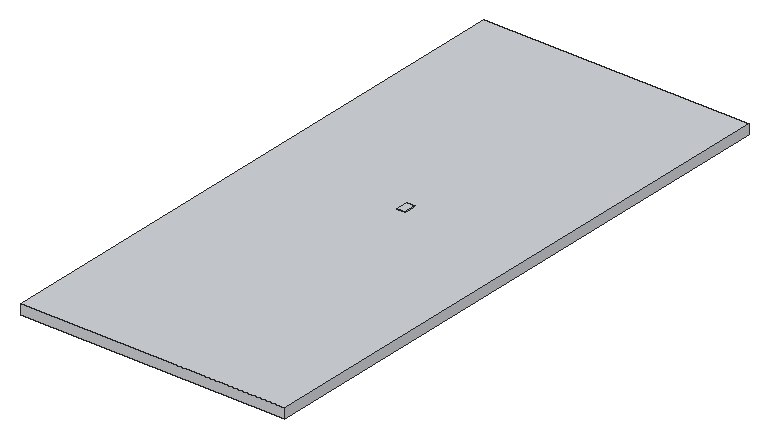
Revit family "M_Rectangular Face Opening Solid", category Generic Models, host Face, Revit 2022
Family settings
  Host = Face
  Can host rebar = No
  Round Connector Dimension = Use Diameter
  Part Type = Normal
  OmniClass Number = 23.30.00.00
  OmniClass Title = Openings, Passages, Protection
  Cut with Voids When Loaded = Yes
  Maintain Annotation Orientation = No
  Shared = No
  Room Calculation Point = No
Parameters (values of type "Rectangular Face Opening")
  isRotated [instance] = no
  h [instance] = 300 mm
  b [instance] = 200 mm
  U.K_#World [instance] = Opening Absolute Level - Height / 2  # -150 mm
  U.K_#Project [instance] = Opening Elevation - Height / 2  # -150 mm
  U.K_#Link [instance] = ##Middle Elevation - Height / 2  # -150 mm
  Slope Shift_Plan [instance] = Width_help / 2  # 100 mm
  Slope Shift_Front_Back [instance] = if(or(Rotate = 90.00°, Rotate = 270.00°), (Width_help - Additional Bottom Cut Offset + Additional Top Cut Offset) / 2, Width / 2)  # 100 mm
  Slope Shift_Left_Right [instance] = if(Slope = 0.00°, if(or(Rotate = 0.00°, Rotate = 180.00°), HT, Height_help / 2), (if(or(Rotate = 90.00°, Rotate = 270.00°), Width / cos(Slope) / 2 - (Depth with Offset * tan(Slope)), Height_help w_o add offsets / cos(Slope) / 2 - (Depth with Offset * tan(Slope)) + if(Additional Top Cut Offset > 0 mm, Additional Top Cut Offset / cos(Slope), 0 mm)))) + (tan(Slope) * Depth with Offset) + if(Rotate = 0.00°, Additional Bottom Cut Offset - Additional Top Cut Offset, 0 mm)  # 150 mm
  Width_help [instance] = if(or(Rotate = 90.00°, Rotate = 270.00°), Height, Width)  # 200 mm
  Subcategory = "Cut Opening"  # constant formula
  Slope_Help [instance] = if(Face Offset_True = 0 mm, 2 mm, 1 mm)  # 2 mm
  Slope [instance] = 0.00°  # constant formula
  Opening Elevation [instance] = 0 mm
  Opening Area [instance] = Width * Height  # 0.06 m²
  Opening Absolute Level [instance] = 0 mm
  MEP - Comment [instance] = "-"
  Inspect [instance] = no
  Height_help w_o add offsets [instance] = if(h > 2 mm, h + 2 * Cut Offset, 2 mm)  # 300 mm
  Width [instance] = if(b > 2 mm, b + 2 * Cut Offset, 2 mm)  # 200 mm
  Top Length [instance] = if(Face Offset_True = 0 mm, if(Lengthen / 1 * tan(Slope_T) < 2 mm, 0 mm, Lengthen / 1 * tan(Slope_T)), 0 mm)  # 0 mm
  Slope_T [instance] = if(and(not(Slope < 0.00°), Slope < 85.00°), Slope, 0.00°)  # 0.00°
  Rotate_T [instance] = -Rotate  # 0.00°
  Rotate [instance] = 0.00°  # constant formula
  Opening Offset Z [instance] = (-(Additional Top Cut Offset - Additional Bottom Cut Offset) / 2) * sin(Rotate)  # 0 mm
  Opening Offset X [instance] = (-(Additional Top Cut Offset - Additional Bottom Cut Offset) / 2) * cos(Rotate)  # 0 mm
  Lengthen [instance] = if(Height > Width, Height, Width)  # 300 mm
  Height_help [instance] = if(or(Rotate = 90.00°, Rotate = 270.00°), Width / cos(Slope), Height / cos(Slope))  # 300 mm
  HT [instance] = (h / 2 + 1 * Cut Offset + Additional Top Cut Offset) / sin(Angle)  # 150 mm
  HB [instance] = (h / 2 + 1 * Cut Offset + Additional Bottom Cut Offset) / sin(Angle)  # 150 mm
  Filled Region = yes
  Lines [instance] = not(Filled Region)  # no
  Face Offset_Positive [instance] = if(Face Offset_True > 0 mm, Face Offset_True, 0 mm)  # 0 mm
  Face Offset_Negative [instance] = if(Face Offset_True < 0 mm, -Face Offset_True, 0 mm)  # 0 mm
  Face Offset_True [instance] = if(Slope = 0.00°, Face Offset, 0 mm)  # 0 mm
  Face Offset [instance] = 0 mm  # constant formula
  Extrude End [instance] = -Depth_True  # -250 mm
  Detail - Yes / No [instance] = no
  Description = "G"
  Depth_True [instance] = if(Depth with Offset + Face Offset_True > 2 mm, Depth with Offset + Face Offset_True, 2 mm)  # 250 mm
  Depth with Offset [instance] = Depth + Depth Offset  # 250 mm
  Depth Offset [instance] = 0 mm  # constant formula
  Depth [instance] = 250 mm
  Dashed Outline = yes
  Bottom Length [instance] = if(Depth with Offset > 2 mm, Depth with Offset / sin(Angle), 2 mm) + Lengthen / 1 * tan(Slope_T)  # 250 mm
  Height_True [instance] = Height / sin(Angle)  # 300 mm
  Height [instance] = if(h > 2.032 mm, h + 2 * Cut Offset + Additional Top Cut Offset + Additional Bottom Cut Offset, 2.032 mm)  # 300 mm
  Default Elevation = 0 mm
  Cut Offset [instance] = 0 mm  # constant formula
  BPM_txt2 [instance] = ""
  BPM_txt1 [instance] = ""
  BPM_bool2 [instance] = no
  BPM_bool1 [instance] = no
  Assembly Code = ""
  Angle [instance] = 90.00° - Slope_T  # 90.00°
  Additional Top Cut Offset [instance] = 0 mm  # constant formula
  Additional Bottom Cut Offset [instance] = 0 mm  # constant formula
  ##Reference Level [instance] = ""
  ##Middle Elevation [instance] = 0 mm
Reference planes
  plane 1 "Center (Front/Back)": y = 0
  plane 2: z = 0
  plane 3 "Center (Left/Right)": x = 0
  plane 4: x = -100
  plane 5: x = 100
  plane 6: y = -150
  plane 7: y = 150
  plane 8 "Graphical Elements Movement Help": y = -150
  plane 9 "Graphical Elements Movement Help 2": x = -100
  plane 10 "Face Offset_Negative": z = 0
  plane 11 "Face Offset_Positive": z = 0
  plane 12 "Graphical Elements Movement Help 3": x = 0
Forms (mm)
  Extrusion 1, solid
    sketch origin (0, 0, 0) x (1, 0, 0) y (0, 1, 0)
      loop
        line (-3545.185, 6900) -> (-3545.185, -7832.283) -> (3196.862, -7832.283) -> (3196.862, 6900) -> (-3545.185, 6900)
    from 0 to -250 <- "Extrude End"
  Sweep 2, solid
    path in 3D
      loop
        line (0, 0, -250) -> (0, 0, -2) -> (0, 0, 0)
    profile "Rertangular Profile : Rertangular Profile" origin (0, 0, -1) x (0, -1, 0) y (1, 0, 0)
      loop
        line (-150, 100) -> (-150, -100) -> (150, -100) -> (150, 100) -> (-150, 100)
Lines and regions (mm)
  reference lines
    curve 1: line (0, 0, -2) -> (0, 0, 0)
    curve 2: line (0, 0, -2) -> (0, 0, -250)
  sketch lines
    curve 3: line (0, 0, -2) -> (0, 0, 0)
    curve 4: line (0, 0, -2) -> (0, 0, -250)
Dimensions and locks
  equal spacing: plane 4, plane 3 "Center (Left/Right)", plane 5
  "Width": plane 4 to plane 5
  "Height_True": plane 7 to plane 6
  "Bottom Length": plane 2 to curve 2
  "Top Length": plane 10 "Face Offset_Negative" to curve 1
  "HT": plane 1 "Center (Front/Back)" to plane 7
  "HB": plane 1 "Center (Front/Back)" to plane 6
  plane 1 "Center (Front/Back)" to plane 8 "Graphical Elements Movement Help" = 150 mm
  "Slope Shift_Front_Back": plane 3 "Center (Left/Right)" to plane 9 "Graphical Elements Movement Help 2"
  "Face Offset_Positive": plane 11 "Face Offset_Positive" to plane 2
  "Face Offset_Negative": plane 11 "Face Offset_Positive" to plane 10 "Face Offset_Negative"
  "Slope_Help": plane 10 "Face Offset_Negative" to curve 1
  "Slope Shift_Left_Right": plane 8 "Graphical Elements Movement Help" to plane 1 "Center (Front/Back)"
  "Slope Shift_Plan": plane 9 "Graphical Elements Movement Help 2" to plane 12 "Graphical Elements Movement Help 3"
  "Width_help": plane 9 "Graphical Elements Movement Help 2" to nested 1
  "Width_help": plane 9 "Graphical Elements Movement Help 2" to nested 7
  "Angle": angle curve 2 to level
  "Angle": angle curve 1 to level
  aligned and locked: Extrusion 1 to plane 2
  aligned and locked: Extrusion 1 to level
  aligned and locked: plane 1 "Center (Front/Back)" to curve 2
  aligned and locked: plane 9 "Graphical Elements Movement Help 2" to nested 2
  aligned and locked: plane 9 "Graphical Elements Movement Help 2" to nested 4
  aligned and locked: nested 4 to plane 10 "Face Offset_Negative"
  aligned and locked: nested 2 to plane 10 "Face Offset_Negative"
  aligned and locked: nested 8 to plane 10 "Face Offset_Negative"
  aligned and locked: nested 6 to plane 8 "Graphical Elements Movement Help"
  aligned and locked: nested 6 to plane 10 "Face Offset_Negative"
  aligned and locked: nested 5 to plane 8 "Graphical Elements Movement Help"
  aligned and locked: nested 5 to plane 10 "Face Offset_Negative"
  aligned and locked: nested 9 to plane 8 "Graphical Elements Movement Help"
  aligned and locked: nested 9 to plane 10 "Face Offset_Negative"
  aligned and locked: nested 3 to plane 8 "Graphical Elements Movement Help"
  aligned and locked: plane 9 "Graphical Elements Movement Help 2" to nested 8
  aligned and locked: nested 3 to plane 12 "Graphical Elements Movement Help 3"
  aligned and locked: nested 1 to plane 8 "Graphical Elements Movement Help"
  aligned and locked: nested 7 to plane 8 "Graphical Elements Movement Help"
Automatic sketch dimensions
  Extrusion 1 sketch curve to Extrusion 1 sketch curve = 6742.047 mm
  Extrusion 1 sketch curve to Extrusion 1 sketch curve = 14732.283 mm
Nested families
  nested 1: "Opening Lines - Front" at (100, -150, 0) x (-1, 0, 0) z (0, 0, 1), Width_or_Height <- "Width_help", Depth <- "Height_help", visible <- "Lines", type "Standard"
    with Width_or_Height_True 200 mm, Width_or_Height 200 mm, Test Angle q 60.00°, Test Angle p 135.00°, Side Length 300 mm, Region Visible yes, built-in parameter 1001306 0.65617 (stored number, unit not read), Diagonal q 360.555 mm, Diagonal p 360.555 mm, Depth_True 300 mm, Depth 300 mm, Coeff2 1.5, Coeff1 0.66667, Angle_True 90.00°, Angle 90.00°
  nested 2: "Opening Region - Front" at (-100, 0, 0) x (1, 0, 0) z (0, -1, 0), Width_or_Height <- "Width_help", Depth <- "Depth_True", visible <- "Filled Region", type "Standard"
    with Width_or_Height_True 200 mm, Width_or_Height 200 mm, Test Angle q 72.00°, Test Angle p 112.50°, Side Length 250 mm, Region Visible yes, built-in parameter 1001306 0.65617 (stored number, unit not read), Diagonal q 320.156 mm, Diagonal p 320.156 mm, Depth_True 250 mm, Depth 250 mm, Coeff2 1.25, Coeff1 0.8, Angle_True 90.00°, Angle 90.00°
  nested 3: "Opening Region - Plan" at (0, -150, 0) x (-1, 0, 0) z (0, 0, 1), Width <- "Width_help", Depth_Height <- "Height_help", visible <- "Filled Region", type "Standard"
    with Width 200 mm, Depth_Height 300 mm, Depth_4 50 mm, Depth_2 100 mm
  nested 4: "Opening Lines - Front" at (-100, 0, 0) x (1, 0, 0) z (0, -1, 0), Width_or_Height <- "Width_help", Depth <- "Depth_True", visible <- "Lines", type "Standard"
    with Width_or_Height_True 200 mm, Width_or_Height 200 mm, Test Angle q 72.00°, Test Angle p 112.50°, Side Length 250 mm, Region Visible yes, built-in parameter 1001306 0.65617 (stored number, unit not read), Diagonal q 320.156 mm, Diagonal p 320.156 mm, Depth_True 250 mm, Depth 250 mm, Coeff2 1.25, Coeff1 0.8, Angle_True 90.00°, Angle 90.00°
  nested 5: "Opening Region - Front" at (0, -150, 0) x (0, 1, 0) z (1, 0, 0), Width_or_Height <- "Height_help", Depth <- "Depth_True", Angle <- "Angle", visible <- "Filled Region", type "Standard"
    with Width_or_Height_True 300 mm, Width_or_Height 300 mm, Test Angle q 108.00°, Test Angle p 75.00°, Side Length 250 mm, Region Visible yes, built-in parameter 1001306 0.98425 (stored number, unit not read), Diagonal q 390.512 mm, Diagonal p 390.512 mm, Depth_True 250 mm, Depth 250 mm, Coeff2 0.83333, Coeff1 1.2, Angle_True 90.00°, Angle 90.00°
  nested 6: "Opening Lines - Front" at (0, -150, 0) x (0, 1, 0) z (1, 0, 0), Width_or_Height <- "Height_help", Depth <- "Depth_True", Angle <- "Angle", visible <- "Lines", type "Standard"
    with Width_or_Height_True 300 mm, Width_or_Height 300 mm, Test Angle q 108.00°, Test Angle p 75.00°, Side Length 250 mm, Region Visible yes, built-in parameter 1001306 0.98425 (stored number, unit not read), Diagonal q 390.512 mm, Diagonal p 390.512 mm, Depth_True 250 mm, Depth 250 mm, Coeff2 0.83333, Coeff1 1.2, Angle_True 90.00°, Angle 90.00°
  nested 7: "Opening Outlines - Front" at (100, -150, 0) x (-1, 0, 0) z (0, 0, 1), Width_or_Height <- "Width_help", Depth <- "Height_help", visible <- "Dashed Outline", type "Standard"
    with Width_or_Height_True 200 mm, Width_or_Height 200 mm, Test Angle q 60.00°, Test Angle p 135.00°, Side Length 300 mm, Region Visible yes, built-in parameter 1001306 0.65617 (stored number, unit not read), Diagonal q 360.555 mm, Diagonal p 360.555 mm, Depth_True 300 mm, Depth 300 mm, Coeff2 1.5, Coeff1 0.66667, Angle_True 90.00°, Angle 90.00°
  nested 8: "Opening Outlines - Front" at (-100, 0, 0) x (1, 0, 0) z (0, -1, 0), Width_or_Height <- "Width_help", Depth <- "Depth_True", visible <- "Dashed Outline", type "Standard"
    with Width_or_Height_True 200 mm, Width_or_Height 200 mm, Test Angle q 72.00°, Test Angle p 112.50°, Side Length 250 mm, Region Visible yes, built-in parameter 1001306 0.65617 (stored number, unit not read), Diagonal q 320.156 mm, Diagonal p 320.156 mm, Depth_True 250 mm, Depth 250 mm, Coeff2 1.25, Coeff1 0.8, Angle_True 90.00°, Angle 90.00°
  nested 9: "Opening Outlines - Front" at (0, -150, 0) x (0, 1, 0) z (1, 0, 0), Width_or_Height <- "Height_help", Depth <- "Depth_True", Angle <- "Angle", visible <- "Dashed Outline", type "Standard"
    with Width_or_Height_True 300 mm, Width_or_Height 300 mm, Test Angle q 108.00°, Test Angle p 75.00°, Side Length 250 mm, Region Visible yes, built-in parameter 1001306 0.98425 (stored number, unit not read), Diagonal q 390.512 mm, Diagonal p 390.512 mm, Depth_True 250 mm, Depth 250 mm, Coeff2 0.83333, Coeff1 1.2, Angle_True 90.00°, Angle 90.00°
Definition of nested family "Opening Lines - Front"
  Parameters (values of type "Standard")
    Width_or_Height_True [instance] = if(Width_or_Height < 2 mm, 2 mm, if(or(0.5 * Diagonal q < 1 mm, 0.5 * Diagonal q < 1 mm), 2 mm, Width_or_Height))  # 15000 mm
    Width_or_Height [instance] = 15000 mm
    Test Angle q [instance] = Coeff1 * Angle  # 2700.00°
    Test Angle p [instance] = Coeff2 * Angle  # 3.00°
    Side Length [instance] = Depth / sin(Angle)  # 500 mm
    Region Visible [instance] = if(Angle < 20.00°, 1 = 0, if(or(Test Angle q < 3.00°, Test Angle p < 3.00°), 1 = 0, if(or(Width_or_Height < 2 mm, Depth < 2 mm), 1 = 0, if(or(0.5 * Diagonal q < 1 mm, 0.5 * Diagonal q < 1 mm), 1 = 0, 1 = 1))))  # yes
    built-in parameter 1001306 [instance] = Width_or_Height_True  # 49.213 (stored number, unit not read)
    Diagonal q [instance] = if(Angle < 90.00°, sqrt(Side Length ^ 2 + Width_or_Height ^ 2 + 2 * Width_or_Height * Side Length * cos(Angle)), sqrt(Side Length ^ 2 + Width_or_Height ^ 2 - 2 * Width_or_Height * Side Length * cos(Angle)))  # 15008.331 mm
    Diagonal p [instance] = if(Angle < 90.00°, sqrt(Side Length ^ 2 + Width_or_Height ^ 2 - 2 * Width_or_Height * Side Length * cos(Angle)), sqrt(Side Length ^ 2 + Width_or_Height ^ 2 + 2 * Width_or_Height * Side Length * cos(Angle)))  # 15008.331 mm
    Depth_True [instance] = if(or(Test Angle q < 2.00°, Test Angle p < 2.00°), Width_or_Height, if(Depth < 2 mm, 2 mm, if(or(0.5 * Diagonal q < 1 mm, 0.5 * Diagonal q < 1 mm), Width_or_Height_True, Depth)))  # 500 mm
    Depth [instance] = 500 mm
    Coeff2 [instance] = Depth / Width_or_Height  # 0.033333
    Coeff1 [instance] = Width_or_Height / Depth  # 30
    Angle_True [instance] = if(Angle < 20.00°, 90.00°, if(or(Test Angle q < 3.00°, Test Angle p < 3.00°), 90.00°, if(or(0.5 * Diagonal q < 1 mm, 0.5 * Diagonal q < 1 mm), 90.00°, Angle)))  # 90.00°
    Angle [instance] = 90.00°
  Reference planes
    plane 1 "Center (Front/Back)": y = 0
    plane 2: z = 0
    plane 3 "Left": x = 0
    plane 4 "Right": x = 15000
    plane 5 "Bottom center": y = -500
  Lines and regions (mm)
    reference lines, in view "Ref. Level"
      curve 1: line (0, 0, 0) -> (15000, 0, 0)
      curve 2: line (15000, 0, 0) -> (15000, -500, 0)
      curve 3: line (0, 0, 0) -> (0, -500, 0)
      curve 4: line (0, 0, 0) -> (15000, -500, 0)
      curve 5: line (0, -500, 0) -> (15000, 0, 0)
    detail lines, in view "Ref. Level"
      curve 6: line (15000, 0, 0) -> (0, -500, 0)
      curve 7: line (0, 0, 0) -> (15000, -500, 0)
  Dimensions and locks
    plane 3 "Left" to plane 4 "Right" = 15000 mm
    "Depth_True": plane 1 "Center (Front/Back)" to plane 5 "Bottom center"
    "Width_or_Height_True": plane 3 "Left" to plane 4 "Right"
    "Angle_True": angle plane 5 "Bottom center" to curve 2
    "Angle_True": angle plane 5 "Bottom center" to curve 3
    aligned and locked: plane 4 "Right" to curve 1
    aligned and locked: plane 3 "Left" to curve 1
    aligned and locked: curve 2 to plane 5 "Bottom center"
    aligned and locked: plane 1 "Center (Front/Back)" to curve 1
    aligned and locked: curve 5 to curve 6
    aligned and locked: curve 7 to curve 4  (x2)
    aligned and locked: curve 6 to curve 5
  Automatic sketch dimensions
    curve 5 to plane 5 "Bottom center" = 0 mm
    curve 6 to plane 5 "Bottom center" = 0 mm
    plane 1 "Center (Front/Back)" to curve 7 = 0 mm
    curve 7 to plane 5 "Bottom center" = 0 mm
    plane 1 "Center (Front/Back)" to curve 6 = 0 mm
Definition of nested family "Opening Region - Front"
  Parameters (values of type "Standard")
    Width_or_Height_True [instance] = if(Width_or_Height < 2 mm, 2 mm, if(or(0.5 * Diagonal q < 1 mm, 0.5 * Diagonal q < 1 mm), 2 mm, Width_or_Height))  # 11000 mm
    Width_or_Height [instance] = 11000 mm
    Test Angle q [instance] = Coeff1 * Angle  # 4950.00°
    Test Angle p [instance] = Coeff2 * Angle  # 1.63636°
    Side Length [instance] = Depth / sin(Angle)  # 200 mm
    Region Visible [instance] = if(Angle < 20.00°, 1 = 0, if(or(Test Angle q < 3.00°, Test Angle p < 3.00°), 1 = 0, if(or(Width_or_Height < 2 mm, Depth < 2 mm), 1 = 0, if(or(0.5 * Diagonal q < 1 mm, 0.5 * Diagonal q < 1 mm), 1 = 0, 1 = 1))))  # no
    built-in parameter 1001306 [instance] = Width_or_Height_True  # 36.089 (stored number, unit not read)
    Diagonal q [instance] = if(Angle < 90.00°, sqrt(Side Length ^ 2 + Width_or_Height ^ 2 + 2 * Width_or_Height * Side Length * cos(Angle)), sqrt(Side Length ^ 2 + Width_or_Height ^ 2 - 2 * Width_or_Height * Side Length * cos(Angle)))  # 11001.818 mm
    Diagonal p [instance] = if(Angle < 90.00°, sqrt(Side Length ^ 2 + Width_or_Height ^ 2 - 2 * Width_or_Height * Side Length * cos(Angle)), sqrt(Side Length ^ 2 + Width_or_Height ^ 2 + 2 * Width_or_Height * Side Length * cos(Angle)))  # 11001.818 mm
    Depth_True [instance] = if(or(Test Angle q < 2.00°, Test Angle p < 2.00°), Width_or_Height, if(Depth < 2 mm, 2 mm, if(or(0.5 * Diagonal q < 1 mm, 0.5 * Diagonal q < 1 mm), Width_or_Height_True, Depth)))  # 11000 mm
    Depth [instance] = 200 mm
    Coeff2 [instance] = Depth / Width_or_Height  # 0.018182
    Coeff1 [instance] = Width_or_Height / Depth  # 55
    Angle_True [instance] = if(Angle < 20.00°, 90.00°, if(or(Test Angle q < 3.00°, Test Angle p < 3.00°), 90.00°, if(or(0.5 * Diagonal q < 1 mm, 0.5 * Diagonal q < 1 mm), 90.00°, Angle)))  # 90.00°
    Angle [instance] = 90.00°
  Reference planes
    plane 1 "Center (Front/Back)": y = 0
    plane 2: z = 0
    plane 3 "Left": x = 0
    plane 4 "Right": x = 11000
    plane 5: y = -11000
  Lines and regions (mm)
    Filled region 1, type "Solid Fill - Black", in view "Ref. Level", visible <- "Region Visible"
      outline origin (0, 0, 0) x (1, 0, 0) y (0, 1, 0)
        loop
          line (11000, 0) -> (5500, -5500) -> (11000, -11000) -> (11000, 0)
    Filled region 2, type "Solid Fill - Black", in view "Ref. Level", visible <- "Region Visible"
      outline origin (0, 0, 0) x (1, 0, 0) y (0, 1, 0)
        loop
          line (0, 0) -> (0, -11000) -> (5500, -5500) -> (0, 0)
    reference lines, in view "Ref. Level"
      curve 1: line (0, 0, 0) -> (11000, 0, 0)
      curve 2: line (11000, 0, 0) -> (11000, -11000, 0)
      curve 3: line (0, 0, 0) -> (0, -11000, 0)
      curve 4: line (0, 0, 0) -> (11000, -11000, 0)
      curve 5: line (0, -11000, 0) -> (11000, 0, 0)
  Dimensions and locks
    plane 3 "Left" to plane 4 "Right" = 11000 mm  (x2)
    "Depth_True": plane 1 "Center (Front/Back)" to plane 5
    "Width_or_Height_True": plane 3 "Left" to plane 4 "Right"
    "Angle_True": angle plane 5 to curve 2
    "Angle_True": angle plane 5 to curve 3
    aligned and locked: plane 4 "Right" to curve 1
    aligned and locked: plane 3 "Left" to curve 1
    aligned and locked: curve 2 to plane 5
    aligned and locked: plane 1 "Center (Front/Back)" to curve 1
    aligned and locked: Filled region 2 sketch curve to curve 3
    aligned and locked: Filled region 2 sketch curve to curve 5
    aligned and locked: Filled region 2 sketch curve to curve 4
    aligned and locked: Filled region 1 sketch curve to curve 5
    aligned and locked: curve 4 to Filled region 1 sketch curve
    aligned and locked: Filled region 1 sketch curve to curve 2
  Automatic sketch dimensions
    curve 5 to plane 5 = 0 mm
Definition of nested family "Opening Region - Plan"
  Parameters (values of type "Standard")
    Width [instance] = 50 mm
    Depth_4 [instance] = if(Depth_Height < Width, Depth_Height / 4, Width / 4)  # 12.5 mm
    Depth_2 [instance] = if(Depth_Height < Width, Depth_Height / 2, Width / 2)  # 25 mm
    Depth_Height [instance] = 1500 mm
  Reference planes
    plane 1 "Center (Front/Back)": y = 0
    plane 2: z = 0
    plane 3 "Center (Left/Right)": x = 0
  Lines and regions (mm)
    Filled region 1, type "Concrete", in view "Ref. Level"
      outline origin (0, -260, 0) x (1, 0, 0) y (0, 1, 0)
        loop
          line (12.5, -1227.5) -> (-25, -1240) -> (25, -1240) -> (25, 260) -> (12.5, -1227.5)
  Dimensions and locks
    equal spacing: Filled region 1 sketch curve, plane 3 "Center (Left/Right)", Filled region 1 sketch curve
    "Width": Filled region 1 sketch curve to Filled region 1 sketch curve
    "Depth_Height": Filled region 1 sketch curve to plane 1 "Center (Front/Back)"
    "Depth_4": Filled region 1 sketch curve to Filled region 1 sketch curve  (x2)
    aligned and locked: plane 1 "Center (Front/Back)" to Filled region 1 sketch curve
Definition of nested family "Opening Outlines - Front"
  Parameters (values of type "Standard")
    Width_or_Height_True [instance] = if(Width_or_Height < 2 mm, 2 mm, if(or(0.5 * Diagonal q < 1 mm, 0.5 * Diagonal q < 1 mm), 2 mm, Width_or_Height))  # 20 mm
    Width_or_Height [instance] = 20 mm
    Test Angle q [instance] = Coeff1 * Angle  # 60.00°
    Test Angle p [instance] = Coeff2 * Angle  # 60.00°
    Side Length [instance] = Depth / sin(Angle)  # 23.094 mm
    Region Visible [instance] = if(Angle < 20.00°, 1 = 0, if(or(Test Angle q < 3.00°, Test Angle p < 3.00°), 1 = 0, if(or(Width_or_Height < 2 mm, Depth < 2 mm), 1 = 0, if(or(0.5 * Diagonal q < 1 mm, 0.5 * Diagonal q < 1 mm), 1 = 0, 1 = 1))))  # yes
    built-in parameter 1001306 [instance] = Width_or_Height_True  # 0.065617 (stored number, unit not read)
    Diagonal q [instance] = if(Angle < 90.00°, sqrt(Side Length ^ 2 + Width_or_Height ^ 2 + 2 * Width_or_Height * Side Length * cos(Angle)), sqrt(Side Length ^ 2 + Width_or_Height ^ 2 - 2 * Width_or_Height * Side Length * cos(Angle)))  # 37.353 mm
    Diagonal p [instance] = if(Angle < 90.00°, sqrt(Side Length ^ 2 + Width_or_Height ^ 2 - 2 * Width_or_Height * Side Length * cos(Angle)), sqrt(Side Length ^ 2 + Width_or_Height ^ 2 + 2 * Width_or_Height * Side Length * cos(Angle)))  # 21.713 mm
    Depth_True [instance] = if(or(Test Angle q < 2.00°, Test Angle p < 2.00°), Width_or_Height, if(Depth < 2 mm, 2 mm, if(or(0.5 * Diagonal q < 1 mm, 0.5 * Diagonal q < 1 mm), Width_or_Height_True, Depth)))  # 20 mm
    Depth [instance] = 20 mm
    Coeff2 [instance] = Depth / Width_or_Height  # 1
    Coeff1 [instance] = Width_or_Height / Depth  # 1
    Angle_True [instance] = if(Angle < 20.00°, 90.00°, if(or(Test Angle q < 3.00°, Test Angle p < 3.00°), 90.00°, if(or(0.5 * Diagonal q < 1 mm, 0.5 * Diagonal q < 1 mm), 90.00°, Angle)))  # 60.00°
    Angle [instance] = 60.00°
  Reference planes
    plane 1 "Center (Front/Back)": y = 0
    plane 2: z = 0
    plane 3 "Left": x = 0
    plane 4 "Right": x = 20
    plane 5 "Bottom center": y = -20
  Lines and regions (mm)
    reference lines, in view "Ref. Level"
      curve 1: line (0, 0, 0) -> (20, 0, 0)
      curve 2: line (20, 0, 0) -> (8.453, -20, 0)
      curve 3: line (0, 0, 0) -> (-11.547, -20, 0)
    detail lines, in view "Ref. Level"
      curve 4: line (-11.547, -20, 0) -> (0, 0, 0)
      curve 5: line (0, 0, 0) -> (20, 0, 0)
      curve 6: line (20, 0, 0) -> (8.453, -20, 0)
      curve 7: line (8.453, -20, 0) -> (-11.547, -20, 0)
  Dimensions and locks
    plane 3 "Left" to plane 4 "Right" = 20 mm
    "Depth_True": plane 1 "Center (Front/Back)" to plane 5 "Bottom center"
    "Width_or_Height_True": plane 3 "Left" to plane 4 "Right"
    "Angle_True": angle plane 5 "Bottom center" to curve 2
    "Angle_True": angle plane 5 "Bottom center" to curve 3
    aligned and locked: plane 4 "Right" to curve 1
    aligned and locked: plane 3 "Left" to curve 1
    aligned and locked: plane 5 "Bottom center" to curve 2
    aligned and locked: plane 1 "Center (Front/Back)" to curve 1
    aligned and locked: plane 1 "Center (Front/Back)" to curve 5
    aligned and locked: curve 6 to curve 2
    aligned and locked: plane 5 "Bottom center" to curve 7
    aligned and locked: curve 4 to curve 3
